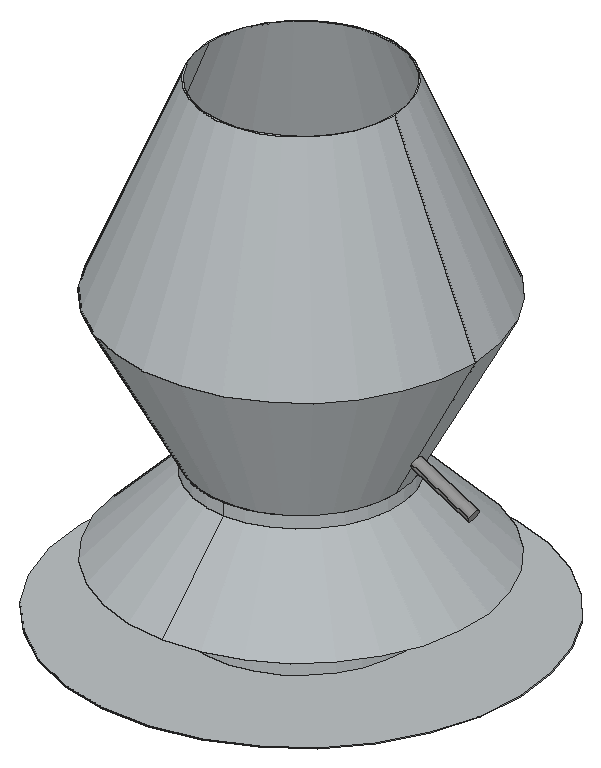
Revit family "NLRS_57_AIR_UN_exhaust-deflektor-hood-vdk-with-options_LT_velu", category Air Terminals, Revit 2019
Family settings
  Round Connector Dimension = Use Diameter
  Part Type = Normal
  Work Plane-Based = No
  Always vertical = No
  Cut with Voids When Loaded = No
  Shared = No
  Room Calculation Point = No
Parameters (values of type "Deflectorkap VDK + VSK + Plakplaat VPL")
  VELU_Connector_Max_Offset [instance] = if(SACS_Diameter < 355 mm, 100 mm, if(SACS_Diameter < 710 mm, 150 mm, 200 mm)) - 50 mm  # 50 mm
  VELU_Prijs_Datum [instance] = size_lookup(LT, "Date", "NB", SACS_Diameter)  # "01-02-2022"
  VELU_Foutmelding [instance] = if(not(NLRS_M_c01_diameter = SACS_Diameter), "Niet leverbare kanaalmaat!", " ")  # " "
  VELU_Diameter1 [instance] = SACS_Diameter  # 250 mm
  VELU_Connector_Offset [instance] = 15 mm  # constant formula
  VELU_Bruto_Prijs [instance] = size_lookup(LT, "Product_Cost", 0, SACS_Diameter)  # 187.9
  VELU_Article_Code [instance] = size_lookup(LT, "", "NB", SACS_Diameter)  # "5060002880"
  URL = "https://velu.nl/producten/"
  SACS_Z_Offset3 [instance] = if(SACS_Diameter > 630 mm, 235 mm, 165 mm)  # 165 mm
  SACS_Z_Offset2 [instance] = if(SACS_Diameter > 630 mm, 370 mm, 180 mm)  # 180 mm
  SACS_Z_Offset [instance] = SACS_Diameter3 / 2  # 7.5 mm
  SACS_Show_Part_2 = yes
  SACS_Show_Part_1 = yes
  SACS_Show_MF [instance] = (SACS_Diameter > 630 mm)  # no
  SACS_Length_Z [instance] = size_lookup(LT, "B", 100 mm, SACS_Diameter) / 4  # 75 mm
  SACS_Internal_Diameter [instance] = SACS_Diameter - 2 mm  # 248 mm
  SACS_Height2 [instance] = SACS_Diameter * 1.75  # 437.5 mm
  SACS_Height1 [instance] = SACS_Diameter * 0.75  # 187.5 mm
  SACS_Diameter3 [instance] = size_lookup(LT, "E", 100 mm, SACS_Diameter)  # 15 mm
  SACS_Diameter2 [instance] = SACS_Diameter + 75 mm  # 325 mm
  SACS_Diameter [instance] = if(NLRS_M_c01_diameter > 900 mm, 1000 mm, if(NLRS_M_c01_diameter > 800 mm, 900 mm, if(NLRS_M_c01_diameter > 710 mm, 800 mm, if(NLRS_M_c01_diameter > 630 mm, 710 mm, if(NLRS_M_c01_diameter > 560 mm, 630 mm, if(NLRS_M_c01_diameter > 500 mm, 560 mm, if(NLRS_M_c01_diameter > 450 mm, 500 mm, if(NLRS_M_c01_diameter > 400 mm, 450 mm, if(NLRS_M_c01_diameter > 355 mm, 400 mm, if(NLRS_M_c01_diameter > 315 mm, 355 mm, if(NLRS_M_c01_diameter > 300 mm, 315 mm, if(NLRS_M_c01_diameter > 280 mm, 300 mm, if(NLRS_M_c01_diameter > 250 mm, 280 mm, if(NLRS_M_c01_diameter > 224 mm, 250 mm, if(NLRS_M_c01_diameter > 200 mm, 224 mm, if(NLRS_M_c01_diameter > 180 mm, 200 mm, if(NLRS_M_c01_diameter > 160 mm, 180 mm, if(NLRS_M_c01_diameter > 150 mm, 160 mm, if(NLRS_M_c01_diameter > 125 mm, 150 mm, if(NLRS_M_c01_diameter > 100 mm, 125 mm, if(NLRS_M_c01_diameter > 80 mm, 100 mm, 80 mm)))))))))))))))))))))  # 250 mm
  SACS_Connecter_Height_Offset [instance] = if(SACS_Show_MF, 208.4 mm, if(VELU_Connector_Offset < 0 mm, 0 mm, if(VELU_Connector_Offset > VELU_Connector_Max_Offset, VELU_Connector_Max_Offset, VELU_Connector_Offset)))  # 15 mm
  SACS_Angle1 = 90.00° - atan((240 / 2) / (240 / 4))  # 26.5651°
  NLRS_M_c01_diameter [instance] = 250 mm
  NLRS_M_c01_debiet [instance] = 0.0 L/s
  NLRS_C_niveau ontwikkeling = "LOD400"  # constant formula
  NLRS_C_model [instance] = size_lookup(LT, "Model", "NB", SACS_Diameter)  # "VDK 250"
  NLRS_C_description = Description  # "Velu uitblaas deflectorkap, type VDK"
  NLRS_C_content_versie = "3.19.00"  # constant formula
  NLRS_C_content_provider = "Velu Ventliatietechniek BV"  # constant formula
  NLRS_C_content_datum_uitgifte = "27-05-2022"  # constant formula
  NLRS_C_content_creator = "J. Feeke"  # constant formula
  Model = "VDK"  # constant formula
  Manufacturer = "Velu Ventilatietechniek BV"  # constant formula
  LoadBearing = 1 = 0  # no
  LT = "VDK_Data"  # constant formula
  IsExternal = 1 = 1  # yes
  IfcExportType = "Diffuser"  # constant formula
  IfcExportAs = "IfcAirterminal"  # constant formula
  IfcDescription = Description  # "Velu uitblaas deflectorkap, type VDK"
  FireRating = "00"  # constant formula
  Description = "Velu uitblaas deflectorkap, type VDK"  # constant formula
  Assembly Code = "57.00"
Types (4, lengths in mm): name | SACS_Show_Part_2 | SACS_Show_Part_1
  (no name) | yes | yes
  Deflectorkap VDK | no | no
  Deflectorkap VDK + Stormkraag VSK | no | yes
  Deflectorkap VDK + VSK + Plakplaat VPL | yes | yes
Reference planes
  plane 1 "Center (Front/Back)": y = 0
  plane 2: z = 0
  plane 3 "Center (Left/Right)": x = 0
  plane 4 "Dish_top": z = 187.5
  plane 5 "Dish_Bottom": z = 112.5
  plane 6 "VSK_Offset": z = -15
  plane 7 "TOP": z = 437.5
  plane 8: z = -180
Forms (mm)
  Extrusion 1, solid, not visible
    sketch origin (0, 0, -85) x (-1, 0, 0) y (0, -1, 0)
      loop
        circle (0, 0) r 1
    from 70 to 197.5
  Extrusion 2, solid, material "VELU_Label", not visible
    sketch origin (-547.644, -297.937, 0) x (1, 0, 0) y (0, 1, 0)
      loop
        arc (544.644, 300.937) -> (541.644, 297.937) -> (544.644, 294.937) r 3
        line (544.644, 294.937) -> (544.644, 297.937) -> (547.644, 294.937) -> (547.644, 297.937) -> (544.644, 300.937)
    from 0 to 2
  Extrusion 3, solid, material "VELU_Label", not visible
    sketch origin (0, 0, 0) x (1, 0, 0) y (0, 1, 0)
      loop
        arc (3, -3) -> (6, 0) -> (3, 3) r 3
        line (3, 3) -> (3, 0) -> (0, 3) -> (0, 0) -> (3, -3)
    from 0 to 2
  Sweep 4, solid, material "NLRS_57_sendzimir verzinkt_gen_sacs", detail levels medium+fine
    path in 3D
      loop
        arc (-124, 0, 0) -> (0, -124, 0) -> (124, 0, 0) r 124
        arc (124, 0, 0) -> (0, 124, 0) -> (-124, 0, 0) r 124
    profile "VDK_outer_Profile : VDK_profile" origin (0, 124, 0) x (0, -1, 0) y (0, 0, 1)
      loop
        line (-27, 187.5) -> (-28, 187.5) -> (123, 111.5) -> (123, 112.5) -> (-27, 187.5)
      loop
        line (0, 0) -> (0, -100) -> (1, -100) -> (1, 0) -> (-101, 187.5) -> (4, 437.5) -> (3, 437.5) -> (-102, 187.5) -> (0, 0)
  Extrusion 5, solid, material "PVC, Flexible", detail levels medium+fine
    sketch origin (223.549, 0.098, 8.081) x (0, -1, 0) y (-0.447214, 0, -0.894427)
      loop
        circle (0.098, -0.13) r 7.5
    from -250 to 0
Lines and regions (mm)
  model lines, not visible
    curve 1: circle (0, 0, 0) r 124 normal (0, 0, 1)
  sketch lines
    curve 2: circle (0, 0, 0) r 124 normal (0, 0, 1)
  reference lines, style "temp"
    curve 3: line (0, 0, 120) -> (223.607, 0, 8.197)
Dimensions and locks
  "SACS_Height1": plane 4 "Dish_top" to level
  "SACS_Length_Z": plane 4 "Dish_top" to plane 5 "Dish_Bottom"
  locked: curve 3 to plane 3 "Center (Left/Right)"
  "SACS_Z_Offset": curve 3 to plane 5 "Dish_Bottom"
  "SACS_Diameter": curve 3 to curve 3
  "SACS_Height2": plane 7 "TOP" to level
  "SACS_Connecter_Height_Offset": level to plane 6 "VSK_Offset"
  "SACS_Z_Offset2": level to plane 8
  level to nested 2 = 111.946 mm
  "SACS_Z_Offset3": nested 4 to plane 8
  level to nested 2 = 113.089 mm
  "SACS_Internal_Diameter": diameter of curve 1
  "SACS_Diameter3": diameter of Extrusion 5 sketch curve
  "SACS_Angle1": angle curve 3 to plane 5 "Dish_Bottom"
  aligned and locked: level to plane 2
  aligned and locked: Extrusion 5 to curve 3  (x2)
  aligned and locked: plane 6 "VSK_Offset" to Extrusion 1
  aligned and locked: plane 3 "Center (Left/Right)" to nested 2
  aligned and locked: nested 2 to Sweep 4
  aligned and locked: plane 5 "Dish_Bottom" to Extrusion 1
  aligned and locked: plane 8 to nested 3
Automatic sketch dimensions
  plane 1 "Center (Front/Back)" to Extrusion 1 sketch curve = 0 mm
  Extrusion 1 sketch curve to plane 3 "Center (Left/Right)" = 0 mm
  plane 1 "Center (Front/Back)" to Extrusion 2 sketch curve = 0 mm  (x3)
  Extrusion 2 sketch curve to plane 3 "Center (Left/Right)" = 0 mm
  Extrusion 2 sketch curve to plane 3 "Center (Left/Right)" = 3 mm
  plane 1 "Center (Front/Back)" to Extrusion 2 sketch curve = 3 mm  (x2)
  plane 1 "Center (Front/Back)" to Extrusion 3 sketch curve = 0 mm  (x3)
  Extrusion 3 sketch curve to plane 3 "Center (Left/Right)" = 0 mm
  Extrusion 3 sketch curve to Extrusion 3 sketch curve = 3 mm
  plane 1 "Center (Front/Back)" to Extrusion 3 sketch curve = 3 mm
  Extrusion 3 sketch curve to Extrusion 3 sketch curve = 0 mm
  plane 1 "Center (Front/Back)" to curve 1 = 0 mm
  curve 1 to plane 3 "Center (Left/Right)" = 0 mm
  Extrusion 5 sketch curve to plane 1 "Center (Front/Back)" = 0 mm
  radius of Extrusion 1 sketch curve = 1 mm
Nested families
  nested 1: "Return Arrows" at (0, 0, 437.5), Face_Width <- "SACS_Diameter2", type "Return Arrows"
    with SACS_Arrow_Start 175 mm, SACS_Arrow_End 325 mm, Face_Width 325 mm, Enabled yes
  nested 2: "Velu_MFL_Complete" at (0, 0, -103.4), visible <- "SACS_Show_MF", type "Velu_MFL_Complete"
    with R1 147.1 mm, L1 18 mm, External_D 241.2 mm, D 250 mm
  nested 3: "NLRS_57_DUA_UN_roof-gland-vpl_LT_velu" at (0, 0, -180), NLRS_M_c01_diameter <- "NLRS_M_c01_diameter", visible <- "SACS_Show_Part_2", type "Plakplaat VPL", detail levels medium+fine
    with VELU_Prijs_Datum "01-02-2022", VELU_Foutmelding " ", VELU_Diameter1 250 mm, VELU_Bruto_Prijs 52.9, VELU_Article_Code "5060000678", SACS_Height1 165 mm, SACS_Diameter 250 mm, NLRS_M_c01_diameter 250 mm, NLRS_C_model "VPL 250"
  nested 4: "NLRS_57_DUA_UN_storm-collar-vsk_LT_velu" at (0, 0, -15) x (0, 1, 0) z (0, 0, 1), NLRS_M_c01_diameter <- "SACS_Diameter", visible <- "SACS_Show_Part_1", type "Stormkraag VSK", detail levels medium+fine
    with VELU_Prijs_Datum "01-02-2022", VELU_Foutmelding " ", VELU_Diameter1 250 mm, VELU_Bruto_Prijs 68.9, VELU_Article_Code "5060000757", SACS_Radius_1 125 mm, SACS_Diameter 250 mm, NLRS_M_c01_diameter 250 mm, NLRS_C_model "VSK 250"
Connectors
  hvac at (0, 0, -15), driven by "NLRS_M_c01_diameter", driven by "NLRS_M_c01_debiet"
    settings: on Extrusion 1, index 1, duct flow 0.0 L/s, flow factor 0, pres drop 0.0 Pa, loss coef 0, conn angle 0.00°, conn width 304.8 mm, conn height 304.8 mm, conn diameter 250 mm, duct sys type 3, conn prof type 0, flow config 1, flow direction 1, loss method 0, conn ref index -1, conn util no, is conn primary yes, conn desc ""
Definition of nested family "Velu_MFL_Complete"
  Parameters (values of type "Velu_MFL_Complete")
    x = 15 mm
    R1 = (External_D / 2) + 8.5 mm + L1  # 311.8 mm
    L1 = if(D < 500 mm, 16 mm, if(D < 1000 mm, 26.5 mm, 37 mm)) + 2 mm  # 28.5 mm
    External_D = D - (if(D < 500 mm, 3.4 mm, if(D < 1000 mm, 4.2 mm, 5.2 mm)) * 2) - 2 mm  # 549.6 mm
    D = 560 mm
  Reference planes
    plane 1 "Center (Front/Back)": y = 0
    plane 2: z = 0
    plane 3 "Center (Left/Right)": x = 0
    plane 4: x = 311.8
  Forms (mm)
    Sweep 1, solid
      path in 3D
        loop
          arc (-274.8, 0, 0) -> (0, -274.8, 0) -> (274.8, 0, 0) r 274.8
          arc (274.8, 0, 0) -> (0, 274.8, 0) -> (-274.8, 0, 0) r 274.8
      profile "MFL : VDK_profile" origin (0, 274.8, 0) x (0, -1, 0) y (0, 0, 1)
        loop
          line (-25.984, -4.485) -> (-12.984, -11.679)
          arc (-12.984, -11.679) -> (-11.992, -11.665) -> (-11.5, -10.804) r 1
          line (-11.5, -10.804) -> (-11.5, -4.2) -> (-4.2, -4.2) -> (-4.2, -31)
          arc (-4.2, -31) -> (-3.907, -31.707) -> (-3.2, -32) r 1
          line (-3.2, -32) -> (-1, -32)
          arc (-1, -32) -> (-0.293, -31.707) -> (0, -31) r 1
          line (0, -31) -> (0, -1)
          arc (0, -1) -> (-0.293, -0.293) -> (-1, 0) r 1
          line (-1, 0) -> (-25.5, 0)
          arc (-25.5, 0) -> (-26.207, -0.293) -> (-26.5, -1) r 1
          line (-26.5, -1) -> (-26.5, -3.61)
          arc (-26.5, -3.61) -> (-26.361, -4.118) -> (-25.984, -4.485) r 1
    Sweep 2, solid
      path in 3D
        loop
          arc (-274.8, 0, 0) -> (0, -274.8, 0) -> (274.8, 0, 0) r 274.8
          arc (274.8, 0, 0) -> (0, 274.8, 0) -> (-274.8, 0, 0) r 274.8
      profile "MFL : VDK_profile" origin (0, 274.8, 0) x (0, -1, 0) y (0, 0, 1)
        loop
          arc (-25.984, 4.485) -> (-26.361, 4.118) -> (-26.5, 3.61) r 1
          line (-26.5, 3.61) -> (-26.5, 1)
          arc (-26.5, 1) -> (-26.207, 0.293) -> (-25.5, 0) r 1
          line (-25.5, 0) -> (-1, 0)
          arc (-1, 0) -> (-0.293, 0.293) -> (0, 1) r 1
          line (0, 1) -> (0, 31)
          arc (0, 31) -> (-0.293, 31.707) -> (-1, 32) r 1
          line (-1, 32) -> (-3.2, 32)
          arc (-3.2, 32) -> (-3.907, 31.707) -> (-4.2, 31) r 1
          line (-4.2, 31) -> (-4.2, 4.2) -> (-11.5, 4.2) -> (-11.5, 10.804)
          arc (-11.5, 10.804) -> (-11.992, 11.665) -> (-12.984, 11.679) r 1
          line (-12.984, 11.679) -> (-25.984, 4.485)
    Sweep 3, solid
      path in 3D
        loop
          arc (-274.8, 0, 0) -> (0, -274.8, 0) -> (274.8, 0, 0) r 274.8
          arc (274.8, 0, 0) -> (0, 274.8, 0) -> (-274.8, 0, 0) r 274.8
      profile "MFL_SP : VDK_profile" origin (0, 274.8, 0) x (0, -1, 0) y (0, 0, 1)
        loop
          line (-26.5, 4.2) -> (-11.5, 12.5) -> (-11.5, 13.643) -> (-26.468, 5.36)
          arc (-26.468, 5.36) -> (-27.223, 4.626) -> (-27.5, 3.61) r 2
          line (-27.5, 3.61) -> (-27.5, -3.61)
          arc (-27.5, -3.61) -> (-27.223, -4.626) -> (-26.468, -5.36) r 2
          line (-26.468, -5.36) -> (-11.5, -13.643) -> (-11.5, -12.5) -> (-26.5, -4.2) -> (-26.5, 4.2)
    Extrusion 4, solid
      sketch origin (0, 0, 0) x (1, 0, 0) y (0, 0, 1)
        loop
          circle (311.8, 0) r 9.5
      from -15 to 15
    Sweep 5, solid
      path in 3D
        loop
          arc (311.769, 0, 0) -> (305.149, 59.402, 0) -> (287.316, 116.45, 0) r 311.804
      profile origin (305.149, 59.402, 0) x (-0.978656, -0.205505, 0) y (0, 0, 1)
        loop
          circle (0, 0) r 4
  Lines and regions (mm)
    model lines
      curve 1: circle (0, 0, 0) r 274.8 normal (0, 0, 1)
    sketch lines
      curve 2: circle (0, 0, 0) r 274.8 normal (0, 0, 1)
      curve 3: circle (0, 0, 0) r 274.8 normal (0, 0, 1)
      curve 4: circle (0, 0, 0) r 274.8 normal (0, 0, 1)
      curve 6: arc (311.769, 0, 0) -> (305.149, 59.402, 0) -> (287.316, 116.45, 0) r 311.804
    reference lines
      curve 5: arc (311.769, 0, 0) -> (305.149, 59.402, 0) -> (287.316, 116.45, 0) r 311.804
  Dimensions and locks
    "R1": plane 3 "Center (Left/Right)" to plane 4
    locked: Extrusion 4 to plane 1 "Center (Front/Back)" at 15
    locked: plane 1 "Center (Front/Back)" to Extrusion 4 at 15
    "External_D": diameter of curve 1
    angle curve 5 to curve 5 = 22.00°
    aligned and locked: level to plane 2
    aligned and locked: plane 1 "Center (Front/Back)" to curve 5
  Automatic sketch dimensions
    Extrusion 4 sketch curve to level = 0 mm
    Extrusion 4 sketch curve to plane 4 = 0 mm
    plane 1 "Center (Front/Back)" to curve 5 = 4.675 mm
    curve 5 to plane 3 "Center (Left/Right)" = 0 mm
    curve 5 to plane 4 = 0.031 mm
    Sweep 5 sketch curve to profile plane = 0 mm
    profile plane to Sweep 5 sketch curve = 0 mm
    plane 1 "Center (Front/Back)" to curve 1 = 0 mm
    curve 1 to plane 3 "Center (Left/Right)" = 0 mm
    radius of Extrusion 4 sketch curve = 9.5 mm
    radius of Sweep 5 sketch curve = 4 mm
Definition of nested family "NLRS_57_DUA_UN_roof-gland-vpl_LT_velu"
  Parameters (values of type "Plakplaat VPL")
    VELU_Prijs_Datum [instance] = size_lookup(LookupTable, "Date", "NB", SACS_Diameter)  # "01-02-2022"
    VELU_Foutmelding [instance] = if(not(NLRS_M_c01_diameter = SACS_Diameter), "Niet leverbare kanaalmaat!", " ")  # " "
    VELU_Diameter1 [instance] = SACS_Diameter  # 450 mm
    VELU_Bruto_Prijs [instance] = size_lookup(LookupTable, "Product_Cost", 0, SACS_Diameter)  # 63.45
    VELU_Article_Code [instance] = size_lookup(LookupTable, "", "NB", SACS_Diameter)  # "5060000684"
    URL = "https://velu.nl/producten/"
    SACS_Height1 [instance] = if(SACS_Diameter < 710 mm, 165 mm, 235 mm)  # 165 mm
    SACS_Diameter [instance] = if(NLRS_M_c01_diameter > 900 mm, 1000 mm, if(NLRS_M_c01_diameter > 800 mm, 900 mm, if(NLRS_M_c01_diameter > 710 mm, 800 mm, if(NLRS_M_c01_diameter > 630 mm, 710 mm, if(NLRS_M_c01_diameter > 560 mm, 630 mm, if(NLRS_M_c01_diameter > 500 mm, 560 mm, if(NLRS_M_c01_diameter > 450 mm, 500 mm, if(NLRS_M_c01_diameter > 400 mm, 450 mm, if(NLRS_M_c01_diameter > 355 mm, 400 mm, if(NLRS_M_c01_diameter > 315 mm, 355 mm, if(NLRS_M_c01_diameter > 300 mm, 315 mm, if(NLRS_M_c01_diameter > 280 mm, 300 mm, if(NLRS_M_c01_diameter > 250 mm, 280 mm, if(NLRS_M_c01_diameter > 224 mm, 250 mm, if(NLRS_M_c01_diameter > 200 mm, 224 mm, if(NLRS_M_c01_diameter > 180 mm, 200 mm, if(NLRS_M_c01_diameter > 160 mm, 180 mm, if(NLRS_M_c01_diameter > 150 mm, 160 mm, if(NLRS_M_c01_diameter > 125 mm, 150 mm, if(NLRS_M_c01_diameter > 100 mm, 125 mm, if(NLRS_M_c01_diameter > 80 mm, 100 mm, 80 mm)))))))))))))))))))))  # 450 mm
    NLRS_M_c01_diameter [instance] = 450 mm
    NLRS_C_niveau ontwikkeling = "LOD400"  # constant formula
    NLRS_C_model [instance] = size_lookup(LookupTable, "Model", "NB", SACS_Diameter)  # "VPL 450"
    NLRS_C_description = Description  # "Velu plakplaat, type VPL"
    NLRS_C_content_versie = "3.19.00"  # constant formula
    NLRS_C_content_provider = "Velu Ventliatietechniek BV"  # constant formula
    NLRS_C_content_datum_uitgifte = "27-05-2022"  # constant formula
    NLRS_C_content_creator = "J. Feeke"  # constant formula
    Model = "VSK"  # constant formula
    Manufacturer = "Velu Ventilatietechniek BV"  # constant formula
    LookupTable = "VPL_Data"  # constant formula
    LoadBearing = 1 = 0  # no
    IsExternal = 1 = 1  # yes
    IfcDescription = Description  # "Velu plakplaat, type VPL"
    FireRating = "00"  # constant formula
    Description = "Velu plakplaat, type VPL"  # constant formula
    Assembly Code = "57.00"
  Reference planes
    plane 1 "Center (Front/Back)": y = 0
    plane 2: z = 0
    plane 3 "Center (Left/Right)": x = 0
  Forms (mm)
    Extrusion 1, solid, not visible
      sketch origin (-547.644, -297.937, 0) x (1, 0, 0) y (0, 1, 0)
        loop
          arc (544.644, 300.937) -> (541.644, 297.937) -> (544.644, 294.937) r 3
          line (544.644, 294.937) -> (544.644, 297.937) -> (547.644, 294.937) -> (547.644, 297.937) -> (544.644, 300.937)
      from 0 to 2
    Extrusion 2, solid, not visible
      sketch origin (0, 0, 0) x (1, 0, 0) y (0, 1, 0)
        loop
          arc (3, -3) -> (6, 0) -> (3, 3) r 3
          line (3, 3) -> (3, 0) -> (0, 3) -> (0, 0) -> (3, -3)
      from 0 to 2
    Sweep 3, solid
      path in 3D
        loop
          arc (-225, 0, 0) -> (0, -225, 0) -> (225, 0, 0) r 225
          arc (225, 0, 0) -> (0, 225, 0) -> (-225, 0, 0) r 225
      profile "VPL_Profile : VPL_profile" origin (0, 225, 0) x (0, -1, 0) y (0, 0, 1)
        loop
          line (-10, 1) -> (-160, 1) -> (-160, 0) -> (-9, 0) -> (-9, 150) -> (-10, 150) -> (-10, 1)
  Lines and regions (mm)
    model lines, not visible
      curve 1: circle (0, 0, 0) r 225 normal (0, 0, 1)
    sketch lines
      curve 2: circle (0, 0, 0) r 225 normal (0, 0, 1)
  Dimensions and locks
    "SACS_Diameter": diameter of curve 1
    aligned and locked: level to plane 2
  Automatic sketch dimensions
    plane 1 "Center (Front/Back)" to Extrusion 1 sketch curve = 0 mm  (x3)
    Extrusion 1 sketch curve to plane 3 "Center (Left/Right)" = 0 mm
    Extrusion 1 sketch curve to plane 3 "Center (Left/Right)" = 3 mm
    plane 1 "Center (Front/Back)" to Extrusion 1 sketch curve = 3 mm  (x2)
    plane 1 "Center (Front/Back)" to Extrusion 2 sketch curve = 0 mm  (x3)
    Extrusion 2 sketch curve to plane 3 "Center (Left/Right)" = 0 mm
    Extrusion 2 sketch curve to Extrusion 2 sketch curve = 3 mm
    plane 1 "Center (Front/Back)" to Extrusion 2 sketch curve = 3 mm
    Extrusion 2 sketch curve to Extrusion 2 sketch curve = 0 mm
    plane 1 "Center (Front/Back)" to curve 1 = 0 mm
    curve 1 to plane 3 "Center (Left/Right)" = 0 mm
Definition of nested family "NLRS_57_DUA_UN_storm-collar-vsk_LT_velu"
  Parameters (values of type "Stormkraag VSK")
    VELU_Prijs_Datum [instance] = size_lookup(LookupTable, "Date", "NB", SACS_Diameter)  # "01-02-2022"
    VELU_Foutmelding [instance] = if(not(NLRS_M_c01_diameter = SACS_Diameter), "Niet leverbare kanaalmaat!", " ")  # " "
    VELU_Diameter1 [instance] = SACS_Diameter  # 315 mm
    VELU_Bruto_Prijs [instance] = size_lookup(LookupTable, "Product_Cost", 0, SACS_Diameter)  # 82.4
    VELU_Article_Code [instance] = size_lookup(LookupTable, "", "NB", SACS_Diameter)  # "5060000760"
    URL = "https://velu.nl/producten/"
    SACS_Radius_1 [instance] = SACS_Diameter / 2  # 157.5 mm
    SACS_Diameter [instance] = if(NLRS_M_c01_diameter > 900 mm, 1000 mm, if(NLRS_M_c01_diameter > 800 mm, 900 mm, if(NLRS_M_c01_diameter > 710 mm, 800 mm, if(NLRS_M_c01_diameter > 630 mm, 710 mm, if(NLRS_M_c01_diameter > 560 mm, 630 mm, if(NLRS_M_c01_diameter > 500 mm, 560 mm, if(NLRS_M_c01_diameter > 450 mm, 500 mm, if(NLRS_M_c01_diameter > 400 mm, 450 mm, if(NLRS_M_c01_diameter > 355 mm, 400 mm, if(NLRS_M_c01_diameter > 315 mm, 355 mm, if(NLRS_M_c01_diameter > 300 mm, 315 mm, if(NLRS_M_c01_diameter > 280 mm, 300 mm, if(NLRS_M_c01_diameter > 250 mm, 280 mm, if(NLRS_M_c01_diameter > 224 mm, 250 mm, if(NLRS_M_c01_diameter > 200 mm, 224 mm, if(NLRS_M_c01_diameter > 180 mm, 200 mm, if(NLRS_M_c01_diameter > 160 mm, 180 mm, if(NLRS_M_c01_diameter > 150 mm, 160 mm, if(NLRS_M_c01_diameter > 125 mm, 150 mm, if(NLRS_M_c01_diameter > 100 mm, 125 mm, if(NLRS_M_c01_diameter > 80 mm, 100 mm, 80 mm)))))))))))))))))))))  # 315 mm
    NLRS_M_c01_diameter [instance] = 315 mm
    NLRS_C_niveau ontwikkeling = "LOD400"  # constant formula
    NLRS_C_model [instance] = size_lookup(LookupTable, "Model", "NB", SACS_Diameter)  # "VSK 315"
    NLRS_C_description = Description  # "Velu stormkraag, type VSK"
    NLRS_C_content_versie = "3.19.00"  # constant formula
    NLRS_C_content_provider = "Velu Ventliatietechniek BV"  # constant formula
    NLRS_C_content_datum_uitgifte = "27-05-2022"  # constant formula
    NLRS_C_content_creator = "J. Feeke"  # constant formula
    Model = "VSK"  # constant formula
    Manufacturer = "Velu Ventilatietechniek BV"  # constant formula
    LookupTable = "VSK_Data"  # constant formula
    LoadBearing = 1 = 0  # no
    IsExternal = 1 = 1  # yes
    IfcDescription = Description  # "Velu stormkraag, type VSK"
    FireRating = "00"  # constant formula
    Description = "Velu stormkraag, type VSK"  # constant formula
    Assembly Code = "57.00"
  Reference planes
    plane 1 "Center (Front/Back)": y = 0
    plane 2: z = 0
    plane 3 "Center (Left/Right)": x = 0
    plane 4: x = 157.5
  Forms (mm)
    Extrusion 1, solid, not visible
      sketch origin (-547.644, -297.937, 0) x (1, 0, 0) y (0, 1, 0)
        loop
          arc (544.644, 300.937) -> (541.644, 297.937) -> (544.644, 294.937) r 3
          line (544.644, 294.937) -> (544.644, 297.937) -> (547.644, 294.937) -> (547.644, 297.937) -> (544.644, 300.937)
      from 0 to 2
    Extrusion 2, solid, not visible
      sketch origin (0, 0, 0) x (1, 0, 0) y (0, 1, 0)
        loop
          arc (3, -3) -> (6, 0) -> (3, 3) r 3
          line (3, 3) -> (3, 0) -> (0, 3) -> (0, 0) -> (3, -3)
      from 0 to 2
    Sweep 3, solid
      path in 3D
        loop
          arc (-157.5, 0, 0) -> (0, -157.5, 0) -> (157.5, 0, 0) r 157.5
          arc (157.5, 0, 0) -> (0, 157.5, 0) -> (-157.5, 0, 0) r 157.5
      profile "VSK_Profile : VSK_profile" origin (0, 157.5, 0) x (0, -1, 0) y (0, 0, 1)
        loop
          line (0, 0) -> (-100, -100) -> (-99, -100) -> (1, 0) -> (1, 15) -> (0, 15) -> (0, 0)
    Extrusion 4, solid
      sketch origin (0, 0, 0) x (1, 0, 0) y (0, 0, 1)
        loop
          line (157.5, 15) -> (157.5, 0) -> (172.5, 0) -> (172.5, 15) -> (157.5, 15)
      from -1.3 to 1.3
  Lines and regions (mm)
    model lines
      curve 1: circle (0, 0, 0) r 157.5 normal (0, 0, 1)
    sketch lines
      curve 2: circle (0, 0, 0) r 157.5 normal (0, 0, 1)
  Dimensions and locks
    "SACS_Radius_1": plane 4 to plane 3 "Center (Left/Right)"
    locked: Extrusion 4 sketch curve to plane 4 at 15
    locked: Extrusion 4 sketch curve to level at 15
    locked: plane 1 "Center (Front/Back)" to Extrusion 4 at 1.3
    locked: Extrusion 4 to plane 1 "Center (Front/Back)" at 1.3
    "SACS_Diameter": diameter of curve 1
    aligned and locked: level to plane 2
    aligned and locked: plane 4 to Extrusion 4 sketch curve
  Automatic sketch dimensions
    plane 1 "Center (Front/Back)" to Extrusion 1 sketch curve = 0 mm  (x3)
    Extrusion 1 sketch curve to plane 3 "Center (Left/Right)" = 0 mm
    Extrusion 1 sketch curve to plane 3 "Center (Left/Right)" = 3 mm
    plane 1 "Center (Front/Back)" to Extrusion 1 sketch curve = 3 mm  (x2)
    plane 1 "Center (Front/Back)" to Extrusion 2 sketch curve = 0 mm  (x3)
    Extrusion 2 sketch curve to plane 3 "Center (Left/Right)" = 0 mm
    Extrusion 2 sketch curve to Extrusion 2 sketch curve = 3 mm
    plane 1 "Center (Front/Back)" to Extrusion 2 sketch curve = 3 mm
    Extrusion 2 sketch curve to Extrusion 2 sketch curve = 0 mm
    Extrusion 4 sketch curve to level = 0 mm
    plane 1 "Center (Front/Back)" to curve 1 = 0 mm
    curve 1 to plane 3 "Center (Left/Right)" = 0 mm
Definition of nested family "Return Arrows"
  Parameters (values of type "Return Arrows")
    SACS_Arrow_Start [instance] = (Face_Width + 25 mm) / 2  # 297.5 mm
    Face_Width [instance] = 570 mm
    SACS_Arrow_End [instance] = SACS_Arrow_Start + 150 mm  # 447.5 mm
    Enabled [instance] = yes
  Reference planes
    plane 1 "Center (Front/Back)": y = 0
    plane 2: z = 0
    plane 3 "Center (Left/Right)": x = 0
    plane 4: x = 387.5
    plane 5: x = 297.5
    plane 6: x = 447.5
    plane 7: y = -447.5
    plane 8: x = -447.5
    plane 9: y = 447.5
    plane 10: x = -387.5
    plane 11: x = -297.5
    plane 12: y = 387.5
    plane 13: y = 297.5
    plane 14: y = -387.5
    plane 15: y = -297.5
    plane 16: y = 570
    plane 17: x = -570
    plane 18: y = -570
    plane 19: x = 570
    plane 20: x = -285
    plane 21: y = -285
    plane 22: x = 285
    plane 23: y = 285
  Lines and regions (mm)
    Filled region 1, type "Solid Fill - Black", in view "Ref. Level", visible <- "Enabled"
      outline origin (-440.46, 0, 0) x (1, 0, 0) y (0, 1, 0)
        loop
          line (827.96, 30) -> (827.96, -30) -> (887.96, 0) -> (827.96, 30)
    Filled region 2, type "Solid Fill - Black", in view "Ref. Level", visible <- "Enabled"
      outline origin (400.46, 0, 0) x (0, 1, 0) y (-1, 0, 0)
        loop
          line (30, 787.96) -> (0, 847.96) -> (-30, 787.96) -> (30, 787.96)
    Filled region 3, type "Solid Fill - Black", in view "Ref. Level", visible <- "Enabled"
      outline origin (0, -459.449, 0) x (0, 1, 0) y (-1, 0, 0)
        loop
          line (846.949, 30) -> (846.949, -30) -> (906.949, 0) -> (846.949, 30)
    Filled region 4, type "Solid Fill - Black", in view "Ref. Level", visible <- "Enabled"
      outline origin (0, 341.471, 0) x (-1, 0, 0) y (0, -1, 0)
        loop
          line (30, 728.971) -> (0, 788.971) -> (-30, 728.971) -> (30, 728.971)
    detail lines, in view "Ref. Level", visible <- "Enabled"
      curve 1: line (297.5, 0, 0) -> (447.5, 0, 0)
      curve 2: line (-297.5, 0, 0) -> (-447.5, 0, 0)
      curve 3: line (0, 297.5, 0) -> (0, 447.5, 0)
      curve 4: line (0, -297.5, 0) -> (0, -447.5, 0)
    detail lines, in view "Ref. Level", detail levels coarse
      curve 5: line (-285, 285, 0) -> (285, 285, 0)
      curve 6: line (-285, -285, 0) -> (-285, 285, 0)
      curve 7: line (285, -285, 0) -> (-285, -285, 0)
      curve 8: line (285, 285, 0) -> (285, -285, 0)
      curve 9: line (285, 285, 0) -> (-285, -285, 0)
  Dimensions and locks
    "SACS_Arrow_Start": plane 13 to plane 1 "Center (Front/Back)"
    "SACS_Arrow_Start": plane 3 "Center (Left/Right)" to plane 5
    "SACS_Arrow_Start": plane 15 to plane 1 "Center (Front/Back)"
    "SACS_Arrow_Start": plane 11 to plane 3 "Center (Left/Right)"
    "SACS_Arrow_End": plane 8 to plane 3 "Center (Left/Right)"
    "SACS_Arrow_End": plane 3 "Center (Left/Right)" to plane 6
    "SACS_Arrow_End": plane 1 "Center (Front/Back)" to plane 9
    "SACS_Arrow_End": plane 7 to plane 1 "Center (Front/Back)"
    equal spacing: plane 20, plane 3 "Center (Left/Right)", plane 22
    equal spacing: plane 23, plane 1 "Center (Front/Back)", plane 21
    "Face_Width": plane 20 to plane 22
    "Face_Width": plane 23 to plane 21
    locked: plane 8 to plane 10 at 60
    locked: plane 7 to plane 14 at 60
    locked: plane 4 to plane 6 at 60
    locked: plane 9 to plane 12 at 60
    aligned and locked: curve 5 to plane 23
    aligned and locked: curve 8 to plane 22
    aligned and locked: plane 21 to curve 7
  Automatic sketch dimensions
    plane 1 "Center (Front/Back)" to Filled region 1 sketch curve = 0 mm
    plane 5 to Filled region 1 sketch curve = 150 mm
    Filled region 1 sketch curve to plane 4 = 0 mm
    plane 1 "Center (Front/Back)" to Filled region 1 sketch curve = 30 mm
    Filled region 1 sketch curve to plane 1 "Center (Front/Back)" = 30 mm
    Filled region 2 sketch curve to plane 10 = 0 mm
    plane 1 "Center (Front/Back)" to Filled region 2 sketch curve = 0 mm
    plane 11 to Filled region 2 sketch curve = 150 mm
    plane 1 "Center (Front/Back)" to Filled region 2 sketch curve = 30 mm
    Filled region 2 sketch curve to plane 1 "Center (Front/Back)" = 30 mm
    Filled region 3 sketch curve to plane 3 "Center (Left/Right)" = 0 mm
    plane 13 to Filled region 3 sketch curve = 150 mm
    Filled region 3 sketch curve to plane 12 = 0 mm
    plane 3 "Center (Left/Right)" to Filled region 3 sketch curve = 30 mm
    Filled region 3 sketch curve to plane 3 "Center (Left/Right)" = 30 mm
    plane 14 to Filled region 4 sketch curve = 0 mm
    Filled region 4 sketch curve to plane 3 "Center (Left/Right)" = 0 mm
    plane 15 to Filled region 4 sketch curve = 150 mm
    plane 3 "Center (Left/Right)" to Filled region 4 sketch curve = 30 mm
    Filled region 4 sketch curve to plane 3 "Center (Left/Right)" = 30 mm
    plane 1 "Center (Front/Back)" to curve 2 = 0 mm
    curve 2 to plane 8 = 0 mm
    curve 2 to plane 11 = 0 mm
    curve 3 to plane 3 "Center (Left/Right)" = 0 mm
    curve 4 to plane 3 "Center (Left/Right)" = 0 mm
    plane 1 "Center (Front/Back)" to curve 1 = 0 mm
    curve 1 to plane 5 = 0 mm
    curve 1 to plane 6 = 0 mm
    curve 4 to plane 7 = 0 mm
    plane 15 to curve 4 = 0 mm
    curve 3 to plane 13 = 0 mm
    curve 3 to plane 9 = 0 mm
    curve 6 to plane 20 = 0 mm
